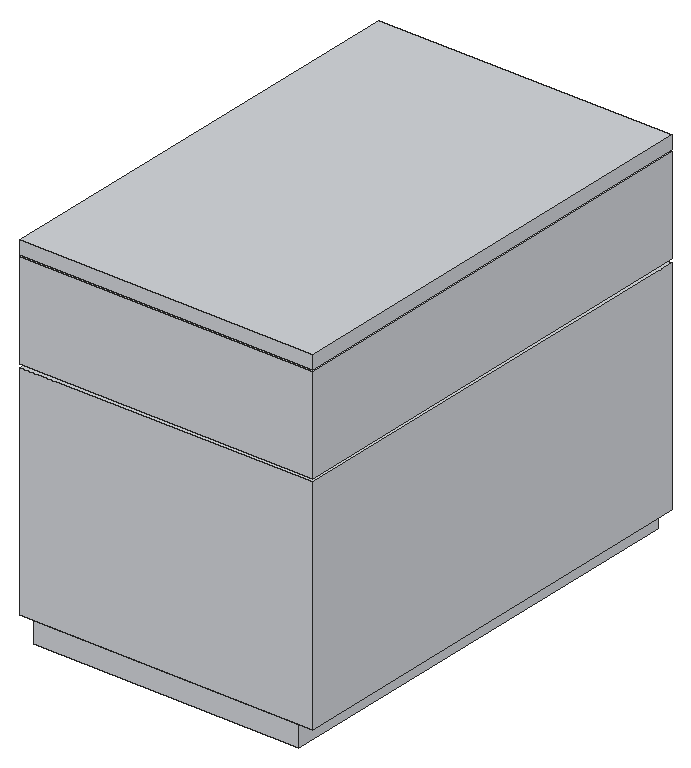
Revit family "Printer", category Security Devices, Revit 2021
Family settings
  Maintain Annotation Orientation = No
  Round Connector Dimension = Use Diameter
  Part Type = Normal
  OmniClass Number = 23.85.50.17
  OmniClass Title = Communication and Data Processing Equipment
  Work Plane-Based = Yes
  Always vertical = No
  Cut with Voids When Loaded = No
  Shared = No
  Room Calculation Point = No
Parameters
  Mounting height = 3' - 0"
  Height = 0' - 6 167/256"
  Width = 0' - 5 113/256"
  Depth = 0' - 8 89/256"
  Default Elevation = 0' - 0"
Reference planes (in)
  plane 1 "Center (Front/Back)": y = 0
  plane 2: z = 0
  plane 3 "Center (Left/Right)": x = 0
Forms (in)
  Extrusion 1, solid
    sketch origin (0.18555, 4.17383, 15.70242) x (0, 0, -1) y (1, 0, 0)
      loop
        line (-26.94992, 2.53516) -> (-26.94992, -2.90625) -> (-26.70136, -2.90625) -> (-26.70136, 2.53516) -> (-26.94992, 2.53516)
      loop
        line (-20.29758, 2.28516) -> (-20.68582, 2.28516) -> (-20.68582, -2.65625) -> (-20.29758, -2.65625) -> (-20.29758, 2.28516)
      loop
        line (-24.88742, -2.90625) -> (-24.88742, 2.53516) -> (-26.66667, 2.53516) -> (-26.66667, -2.90625) -> (-24.88742, -2.90625)
      loop
        line (-24.82148, -2.90625) -> (-20.69657, -2.90625) -> (-20.69657, 2.53516) -> (-24.82148, 2.53516) -> (-24.82148, -2.90625)
    from 0 to 8.34766 <- "Depth"
  Extrusion 2, void
    sketch origin (0, 0, 0) x (1, 0, 0) y (0, 0, 1)
      loop
        line (-1.12245, 40.5239) -> (-1.12245, 40.0239) -> (1.12245, 40.0239) -> (1.12245, 40.5239) -> (-1.12245, 40.5239)
    from -4.17383 to 0.23828
Cuts and joins
  Extrusion 2 cuts Extrusion 1
Text (in)
  text "RIGHT" at (75.66862, 0, 70.8167), in view "Front"
  text "LEFT" at (-109.33138, 0, 70.8167), in view "Front"
  text "BACK" at (-11.24294, 145.46088, 0), in view "Ref. Level"
  text "FRONT" at (-11.24294, -133.72909, 0), in view "Ref. Level"
  text "RIGHT" at (151.90908, -26.05305, 0), in view "Ref. Level"
  text "LEFT" at (-163.09092, -26.05305, 0), in view "Ref. Level"
Dimensions and locks (in)
  "Height": Extrusion 1 sketch curve to Extrusion 1 sketch curve
  equal spacing: Extrusion 1, plane 1 "Center (Front/Back)", Extrusion 1
  equal spacing: Extrusion 2 sketch curve, plane 3 "Center (Left/Right)", Extrusion 2 sketch curve
  "Mounting height": cut or joined group of Extrusion 1, Extrusion 2 to level
  Extrusion 1 sketch curve to Extrusion 1 sketch curve = 0' - 0 1/4"  (x2)
  equal spacing: cut or joined group of Extrusion 1, Extrusion 2, plane 3 "Center (Left/Right)", cut or joined group of Extrusion 1, Extrusion 2
  "Width": cut or joined group of Extrusion 1, Extrusion 2 to cut or joined group of Extrusion 1, Extrusion 2
  aligned and locked: Extrusion 2 sketch curve to Extrusion 1
  aligned and locked: Extrusion 1 to Extrusion 2
  aligned and locked: Extrusion 1 sketch curve to Extrusion 1 sketch curve  (x2)
Automatic sketch dimensions
  Extrusion 2 sketch curve to plane 3 "Center (Left/Right)" = 0' - 1.12245"
  Extrusion 2 sketch curve to Extrusion 2 sketch curve = 0' - 0 1/2"
  plane 3 "Center (Left/Right)" to Extrusion 1 sketch curve = 0' - 2.7207"
  level to Extrusion 1 sketch curve = 3' - 6 167/256"
  Extrusion 1 sketch curve to Extrusion 1 sketch curve = 0' - 0.24856"
  Extrusion 1 sketch curve to Extrusion 1 sketch curve = 0' - 0.03469"
  Extrusion 1 sketch curve to Extrusion 1 sketch curve = 0' - 1.77925"
  Extrusion 1 sketch curve to Extrusion 1 sketch curve = 0' - 0.06594"
  Extrusion 1 sketch curve to Extrusion 1 sketch curve = 0' - 0.399"
  Extrusion 1 sketch curve to Extrusion 1 sketch curve = 0' - 0.01076"
  Extrusion 1 sketch curve to plane 3 "Center (Left/Right)" = 0' - 2.4707"
  Extrusion 1 sketch curve to Extrusion 1 sketch curve = 0' - 0"  (x2)
